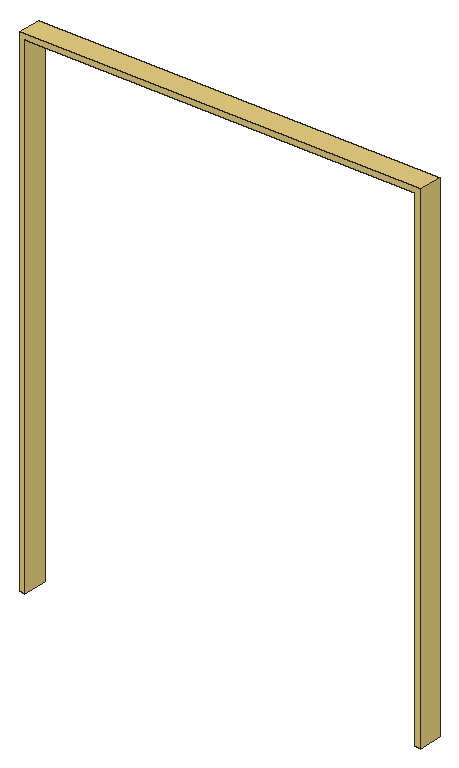
Revit family "DAL_A3-E1685", category Doors, host Wall, Revit 2016
Family settings
  Host = Wall
  Always vertical = Yes
  Cut with Voids When Loaded = No
  Shared = No
  Room Calculation Point = No
Parameters (values of type "Frame")
  Height = 2107 mm
  Wall Closure = By host
  Width = 1685 mm
  Function = Interior
  Frame Thickness = 102 mm
  Frame Material = Meranti Wood
  Frame Depth = 22.5 mm
Reference planes
  plane 1 "Wall Center": y = 0
  plane 2 "Center (Left/Right)": x = 0
  plane 3 "Left": x = -842.5
  plane 4 "Right": x = 842.5
  plane 5: z = 2107
  plane 6 "Exterior": y = 75
  plane 7 "Interior": y = -75
Forms (mm)
  Sweep 1, solid, material "Meranti Wood" <- "Frame Material", detail levels medium+fine
    path origin (0, 0, 0) x (1, 0, 0) y (0, 0, 1)
      loop
        line (842.5, 0) -> (842.5, 2107) -> (-842.5, 2107) -> (-842.5, 0)
    profile origin (0, 0, 2107) x (0, 0, -1) y (0, -1, 0)
      loop
        line (0, -51) -> (22.5, -51) -> (22.5, 51) -> (0, 51) -> (0, -51)
Lines and regions (mm)
  Opening 1
    outline origin (-3050, -75, 0) x (1, 0, 0) y (0, 0, 1)
      loop
        line (2207.5, 0) -> (3892.5, 0) -> (3892.5, 2107) -> (2207.5, 2107) -> (2207.5, 0)
Text (mm)
  text "Exterior" at (-2295.016, 1099.543, 0), in view "Ref. Level"
  text "Exterior" at (0, 1615.38, 3698.081), in view "Left"
  text "Exterior" at (0, 1036.032, 3874.932), in view "Right"
Dimensions and locks
  equal spacing: plane 3 "Left", plane 2 "Center (Left/Right)", plane 4 "Right"
  "Width": plane 3 "Left" to plane 4 "Right"
  "Height": plane 5 to host wall
  host wall to plane 5 = 2107 mm  (x2)
  locked: plane 6 "Exterior" to host wall at 0
  locked: plane 7 "Interior" to host wall
  "Frame Depth": Sweep 1 sketch curve to Sweep 1 sketch curve
  equal spacing: Sweep 1 sketch curve, profile plane, Sweep 1 sketch curve
  "Frame Thickness": Sweep 1 sketch curve to Sweep 1 sketch curve
  aligned and locked: plane 3 "Left" to Opening 1 sketch curve
  aligned and locked: plane 5 to Opening 1 sketch curve  (x2)
  aligned and locked: Opening 1 sketch curve to plane 4 "Right"
  aligned and locked: Opening 1 sketch curve to level
  aligned and locked: plane 1 "Wall Center" to host wall
  aligned and locked: plane 5 to Sweep 1 sketch curve
  aligned and locked: Sweep 1 sketch curve to plane 4 "Right"
  aligned and locked: Sweep 1 sketch curve to plane 3 "Left"
  aligned and locked: level to Sweep 1 sketch curve  (x2)
  aligned and locked: Sweep 1 sketch curve to profile plane
